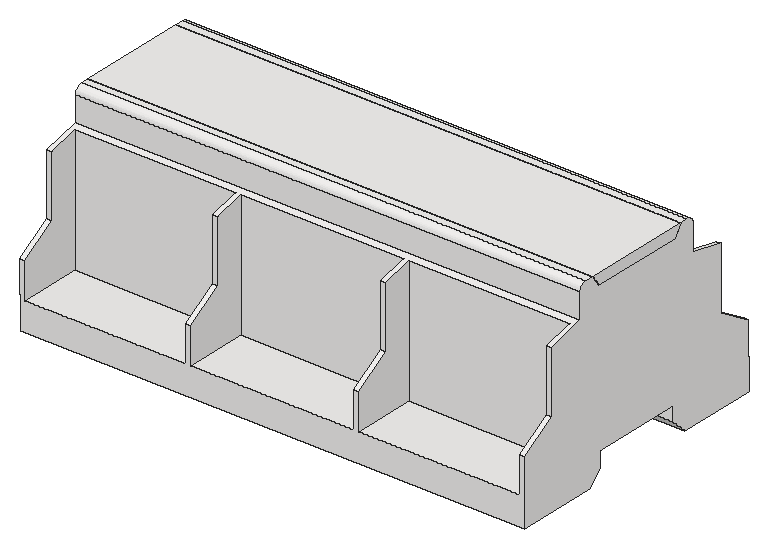
Revit family "Control_Unit-Lutron-Energi_Savr_Node-QSN-4S8-120-D", category Lighting Devices, host Face, Revit 2018
Family settings
  Host = Face
  Maintain Annotation Orientation = Yes
  Round Connector Dimension = Use Radius
  Part Type = Normal
  OmniClass Number = 23.80.30.11.17
  OmniClass Title = Distribution Boards and Control Panels
  Cut with Voids When Loaded = No
  Shared = No
  Room Calculation Point = No
Parameters (values of type "QSN-4S8-120-D")
  Warranty URL = "http://www.lutron.com/en-US/Service-Support/Pages/Service/Warranty/Warranty.aspx"
  Voltage = 120 V
  Video Link = "https://www.youtube.com/user/LutronElectronicsInc"
  Version = "2018 - v1.0a"  # constant formula
  Type Comments = ""
  Support Phone = "(224) 699-9545"  # constant formula
  Support Email = "mailto:support@anguleris.com"
  Product Page URL = "https://www.lutron.com/en-US/products/pages/wholebuildingsystems/athena/overview.aspx"
  Product Name = "Switching Power Module"
  Product Documentation Link = "https://www.lutron.com/TechnicalDocumentLibrary/3691172_ENG.pdf"
  Performance URL = "http://www.lutron.com/en-US/Service-Support/Pages/Technical/PerfomanceSpecs.aspx"
  Operating Voltage = "120 V~ 50/60 Hz | 8 A per output 16 A maximum input current"
  URL = "http://www.lutron.com"
  Series = "Athena"
  Overall Width = 6.37"  # constant formula
  Overall Height = 2.38"  # constant formula
  Overall Depth = 3.53"  # constant formula
  Number of Poles = 1
  Model = "QSN-4S8-120-D"
  Minimum Operating Temperature = 32 °F
  Maximum Operating Temperature = 104 °F
  Material = ""
  Manufacturer Phone Number = "610-282-3800"  # constant formula
  Manufacturer Fax Number = "610-282-1243"  # constant formula
  Manufacturer Email = "mailto:support@lutron.com"
  Manufacturer Address = "7200 Suter Rd, Coopersburg, PA 18036"  # constant formula
  Manufacturer = "Lutron Electronics Co., Inc"  # constant formula
  Label [instance] = "LC"
  Keynote = ""
  Instruction Sheet Link = "http://www.lutron.com/en-US/Service-Support/Pages/Technical/InstallationInstructions/InstallationInstructions.aspx#Power%20Interfaces%20&%20Power%20Panels"
  Frequency = "50|60 Hz"
  Finish = Plastic - Lutron - White - Matte
  Description = "The Energi Savr Node (ESN) family is a group of modular products for the control of lighting loads and motor loads."
  Default Elevation = 48.00"
  Current = 16 A
  Cost Info = "mailto:sales@lutron.com"
  Cost = 0
  Copyright = "© 2021 Lutron Electronics Co., Inc."  # constant formula
  Assembly Code = "D3060"
  Apparent Power [instance] = Voltage * Current  # 1920 VA
  Annotation Symbol Visibility [instance] = yes
Reference planes (in)
  plane 1 "Center (Front/Back)": y = 0
  plane 2: z = 0
  plane 3 "Center (Left/Right)": x = 0
  plane 4: z = 2.38
  plane 5: y = 1.765
  plane 6: y = -1.765
  plane 7: x = -3.185
  plane 8: x = 3.185
  plane 9: x = -1.06167
  plane 10: x = 1.06167
Forms (in)
  Extrusion 1, solid, material "Plastic - Lutron - White - Matte" <- "Finish"
    sketch origin (8.5, 0.00455, 0.02943) x (0, -1, 0) y (0, 0, 1)
      loop
        line (1.76955, -0.02943) -> (1.76955, 0.77871) -> (1.34867, 1.04799) -> (1.34867, 1.83138) -> (0.89356, 1.94111) -> (0.89356, 2.25926)
        arc (0.89356, 2.25926) -> (0.86682, 2.32383) -> (0.80225, 2.35057) r 0.09132
        line (0.80225, 2.35057) -> (0.70059, 2.35057) -> (0.60254, 2.21054) -> (0.00455, 2.21054) -> (-0.59343, 2.21054) -> (-0.69149, 2.35057) -> (-0.79314, 2.35057)
        arc (-0.79314, 2.35057) -> (-0.86123, 2.32011) -> (-0.88388, 2.24903) r 0.09132
        line (-0.88388, 2.24903) -> (-0.88388, 1.93041) -> (-1.3255, 1.83973) -> (-1.3255, 1.05456) -> (-1.76045, 0.77972) -> (-1.76045, -0.02943) -> (-0.75275, -0.02943) -> (-0.57598, 0.14735) -> (-0.57598, 0.33151) -> (0.5916, 0.33151) -> (0.5916, 0.1255) -> (0.74653, -0.02943) -> (1.76955, -0.02943)
    from 5.315 to 11.685
  Extrusion 2, void
    sketch origin (0, -12.51256, 0) x (1, 0, 0) y (0, 1, 0)
      loop
        line (-1.0328, 13.49387) -> (1.0328, 13.49387) -> (1.0328, 14.34918) -> (-1.0328, 14.34918) -> (-1.0328, 13.49387)
      loop
        line (3.12727, 14.34918) -> (1.09053, 14.34918) -> (1.09053, 13.49387) -> (3.12727, 13.49387) -> (3.12727, 14.34918)
      loop
        line (-3.12727, 14.34918) -> (-3.12727, 13.49387) -> (-1.09053, 13.49387) -> (-1.09053, 14.34918) -> (-3.12727, 14.34918)
      loop
        line (-1.0328, 11.53125) -> (-1.0328, 10.67594) -> (1.0328, 10.67594) -> (1.0328, 11.53125) -> (-1.0328, 11.53125)
      loop
        line (3.12727, 10.67594) -> (3.12727, 11.53125) -> (1.09053, 11.53125) -> (1.09053, 10.67594) -> (3.12727, 10.67594)
      loop
        line (-3.12727, 10.67594) -> (-1.09053, 10.67594) -> (-1.09053, 11.53125) -> (-3.12727, 11.53125) -> (-3.12727, 10.67594)
    from 0.36094 to 2.99
  Extrusion 3, solid, material "Plastic - Lutron - White - Matte" <- "Finish"
    sketch origin (0, 0, 0) x (0, 1, 0) y (0, 0, 1)
      loop
        line (-0.69604, 2.38) -> (-0.59799, 2.23997) -> (0.59799, 2.23997) -> (0.69604, 2.38) -> (-0.69604, 2.38)
    from -3.185 to 3.185
Cuts and joins
  Extrusion 2 cuts Extrusion 1
Lines and regions (in)
  Masking region 1
    outline origin (0, 0, 0) x (1, 0, 0) y (0, 0, 1)
      loop
        line (3.185, 0) -> (3.185, 2.38) -> (-3.185, 2.38) -> (-3.185, 0) -> (3.185, 0)
  symbolic lines, detail levels medium+fine
    curve 1: line (3.185, 0, 2.30382) -> (-3.185, 0, 2.30382)
  symbolic lines, detail levels fine
    curve 2: line (3.12727, 0, 1.95983) -> (3.12727, 0, 0.36094)
    curve 3: line (3.12727, 0, 0.36094) -> (1.09053, 0, 0.36094)
    curve 4: line (1.09053, 0, 0.36094) -> (1.09053, 0, 1.94328)
    curve 5: line (1.0328, 0, 1.94328) -> (1.0328, 0, 0.36094)
    curve 6: line (1.0328, 0, 0.36094) -> (-0.02886, 0, 0.36094)
    curve 7: line (-0.02886, 0, 0.36094) -> (-1.0328, 0, 0.36094)
    curve 8: line (-1.0328, 0, 0.36094) -> (-1.0328, 0, 1.94328)
    curve 9: line (-1.09053, 0, 1.94328) -> (-1.09053, 0, 0.36094)
    curve 10: line (-1.09053, 0, 0.36094) -> (-3.12727, 0, 0.36094)
    curve 11: line (-3.12727, 0, 0.36094) -> (-3.12727, 0, 1.95983)
    curve 12: line (3.12727, 0, 1.95983) -> (-3.12727, 0, 1.95983)
    curve 13: line (1.09053, 0, 1.94328) -> (3.12727, 0, 1.94328)
    curve 14: line (-0.02886, 0, 1.94328) -> (1.09053, 0, 1.94328)
    curve 15: line (-1.0328, 0, 1.94328) -> (-0.02886, 0, 1.94328)
    curve 16: line (-1.09053, 0, 1.94328) -> (-3.12727, 0, 1.94328)
Dimensions and locks (in)
  equal spacing: host sketch curve, plane 1 "Center (Front/Back)", host sketch curve
  equal spacing: host sketch curve, plane 3 "Center (Left/Right)", host sketch curve
  "Overall Height": plane 4 to level
  equal spacing: plane 5, plane 1 "Center (Front/Back)", plane 6
  "Overall Depth": plane 5 to plane 6
  equal spacing: plane 7, plane 3 "Center (Left/Right)", plane 8
  "Overall Width": plane 7 to plane 8
  equal spacing: cut or joined group of Extrusion 1, Extrusion 2, plane 9, cut or joined group of Extrusion 1, Extrusion 2  (x2)
  equal spacing: cut or joined group of Extrusion 1, Extrusion 2, plane 10, cut or joined group of Extrusion 1, Extrusion 2  (x2)
  equal spacing: plane 7, plane 9, plane 10, plane 8
  aligned and locked: plane 2 to host face
  aligned and locked: level to host face
  aligned and locked: plane 1 "Center (Front/Back)" to nested 1
  aligned and locked: plane 3 "Center (Left/Right)" to nested 1
  aligned and locked: plane 7 to Extrusion 1
  aligned and locked: plane 8 to cut or joined group of Extrusion 1, Extrusion 2
  aligned and locked: cut or joined group of Extrusion 1, Extrusion 2 to plane 6
  aligned and locked: cut or joined group of Extrusion 1, Extrusion 2 to plane 5
  aligned and locked: plane 4 to cut or joined group of Extrusion 1, Extrusion 2  (x2)
  aligned and locked: plane 4 to Extrusion 3 sketch curve
  aligned and locked: Extrusion 3 sketch curve to cut or joined group of Extrusion 1, Extrusion 2  (x3)
  aligned and locked: Extrusion 3 to cut or joined group of Extrusion 1, Extrusion 2
  aligned and locked: cut or joined group of Extrusion 1, Extrusion 2 to Extrusion 3
Automatic sketch dimensions
  Extrusion 1 sketch curve to level = 0.00"  (x2)
  Extrusion 1 sketch curve to plane 4 = 0.00"  (x2)
  Extrusion 1 sketch curve to plane 1 "Center (Front/Back)" = 0.00"
  level to Extrusion 1 sketch curve = 0.17678"
  Extrusion 1 sketch curve to plane 1 "Center (Front/Back)" = 0.58053"
  Extrusion 1 sketch curve to plane 4 = 0.14003"
  Extrusion 1 sketch curve to plane 1 "Center (Front/Back)" = 0.59799"
  Extrusion 1 sketch curve to Extrusion 1 sketch curve = 0.09805"  (x2)
  Extrusion 1 sketch curve to Extrusion 1 sketch curve = 0.17678"
  Extrusion 1 sketch curve to Extrusion 1 sketch curve = 0.10166"  (x2)
  Extrusion 1 sketch curve to Extrusion 1 sketch curve = 0.09074"
  plane 5 to Extrusion 1 sketch curve = 0.43495"
  Extrusion 1 sketch curve to plane 5 = 0.00"
  plane 1 "Center (Front/Back)" to Extrusion 1 sketch curve = 0.58705"
  Extrusion 1 sketch curve to Extrusion 1 sketch curve = 0.59799"
  Extrusion 1 sketch curve to Extrusion 1 sketch curve = 0.15493"
  Extrusion 1 sketch curve to plane 4 = 0.40946"
  Extrusion 1 sketch curve to Extrusion 1 sketch curve = 0.09132"
  plane 6 to Extrusion 1 sketch curve = 0.42088"
  Extrusion 1 sketch curve to plane 6 = 0.00"
  level to Extrusion 1 sketch curve = 0.15493"
  Extrusion 1 sketch curve to Extrusion 1 sketch curve = 0.20601"
  Extrusion 1 sketch curve to Extrusion 1 sketch curve = 0.80814"
  Extrusion 1 sketch curve to Extrusion 1 sketch curve = 0.80915"
  Extrusion 1 sketch curve to Extrusion 1 sketch curve = 0.26928"
  Extrusion 1 sketch curve to Extrusion 1 sketch curve = 0.27484"
  Extrusion 1 sketch curve to Extrusion 1 sketch curve = 0.10973"
  Extrusion 1 sketch curve to plane 4 = 0.51085"
  Extrusion 1 sketch curve to Extrusion 1 sketch curve = 0.28013"
  Extrusion 1 sketch curve to plane 4 = 0.10154"
  Extrusion 2 sketch curve to plane 7 = 0.05773"  (x2)
  Extrusion 2 sketch curve to plane 6 = 0.07162"  (x2)
  Extrusion 2 sketch curve to plane 3 "Center (Left/Right)" = 1.09053"  (x2)
  Extrusion 2 sketch curve to plane 5 = 0.07162"  (x2)
  Extrusion 2 sketch curve to Extrusion 2 sketch curve = 0.05773"  (x4)
  plane 3 "Center (Left/Right)" to Extrusion 2 sketch curve = 1.0328"  (x2)
  Extrusion 2 sketch curve to plane 8 = 0.05773"  (x2)
  Extrusion 2 sketch curve to Extrusion 2 sketch curve = 0.00"  (x4)
  plane 6 to Extrusion 2 sketch curve = 0.78369"  (x2)
  plane 5 to Extrusion 2 sketch curve = 0.78369"  (x2)
  Masking region 1 sketch curve to level = 0.00"
  plane 7 to Masking region 1 sketch curve = 0.00"
  Masking region 1 sketch curve to plane 8 = 0.00"
  Masking region 1 sketch curve to plane 4 = 0.00"
  plane 7 to curve 1 = 0.00"
  curve 1 to plane 8 = 0.00"
  curve 10 to plane 7 = 0.05773"
  curve 15 to plane 3 "Center (Left/Right)" = 0.02886"
  curve 7 to plane 3 "Center (Left/Right)" = 0.02886"
  curve 2 to plane 8 = 0.05773"
  level to curve 6 = 0.36094"
  level to curve 10 = 0.36094"
  level to curve 2 = 0.36094"
  curve 8 to plane 4 = 0.43672"
  curve 16 to curve 8 = 0.00"
  curve 13 to curve 12 = 0.01655"
  curve 1 to plane 4 = 0.07618"
  curve 16 to curve 14 = 1.06167"
  curve 9 to curve 15 = 0.05773"
  plane 3 "Center (Left/Right)" to curve 5 = 1.0328"
  curve 5 to curve 4 = 0.05773"
Nested families (in)
  nested 1: "Lutron_Lighting_Power_Module_Annotation" at (0, 0, 0), visible <- "Annotation Symbol Visibility", type "QSE-CL-4M-D/LQSE-4M-D", detail levels coarse+medium
Connectors (in)
  electrical at (0, 1.26115, 0)
    settings: on cut or joined group of Extrusion 1, Extrusion 2, index 1, voltage 0 V, apparent load 0 VA, apparent load phase1 0 VA, apparent load phase2 0 VA, apparent load phase3 0 VA, power factor 1, load classification "Other", number of poles 1, system type 13, power factor state 1, is connector primary yes, connector utility no, sub classification motor no, connector description "Controls Connection"
  electrical at (0, -1.25349, 0), driven by "Number of Poles", driven by "Voltage", driven by "Apparent Power"
    settings: on cut or joined group of Extrusion 1, Extrusion 2, index 2, voltage 120 V, apparent load 0 VA, apparent load phase1 1920 VA, apparent load phase2 0 VA, apparent load phase3 0 VA, power factor 1, load classification "Other", number of poles 1, system type 31, power factor state 1, is connector primary no, connector utility no, sub classification motor no, connector description "Power Connection"
Definition of nested family "Lutron_Lighting_Power_Module_Annotation"
  Parameters (values of type "QSWS2")
    Label = "KP"
  Types (9): name | Label
    QSE-IO | "QSE-IO"
    QSE-CL-4M-D/LQSE-4M-D | "4M"
    QSE-CL-DMX | "DMX"
    PHPM-WBX-120-WH | "WBX"
    LQSE-2DAL-D | "2DAL"
    LQSE-4S10-D | "4S10"
    LQSE-4T10-D | "4T10"
    LQSE-4A-D | "4A"
    QSWS2 | "KP"
  Reference planes (in)
    plane 1: y = 0
    plane 2: x = 0
  Lines and regions (in)
    detail lines, not visible
      curve 1: line (0, 0.12891, 0) -> (0, 0, 0)
    reference lines
      curve 2: line (0, 0.0625, 0) -> (-0.11983, 0.0625, 0)
      curve 3: line (0.10095, -0.04722, 0) -> (0.10095, 0.09386, 0)
      curve 4: line (0.10095, -0.04722, 0) -> (0.28349, -0.04722, 0)
      curve 5: line (0.10095, 0.04579, 0) -> (0.31014, 0.04579, 0)
    detail lines
      curve 6: line (-0.15637, 0.42347, 0) -> (0.15896, 0.42347, 0)
      curve 7: line (-0.15637, 0.12891, 0) -> (-0.15637, 0.42347, 0)
      curve 8: line (0.15896, 0.12891, 0) -> (-0.15637, 0.12891, 0)
      curve 9: line (0.15896, 0.42347, 0) -> (0.15896, 0.12891, 0)
      curve 10: line (0, 0.12891, 0) -> (0, 0, 0)
      curve 11: line (-0.08143, 0, 0) -> (0.08143, 0, 0)
  Text (in)
    label "2DAL" at (0.00317, 0.27539, 0), shows "Label"
  Dimensions and locks (in)
    locked: curve 4 to curve 5 at 0.09301
    locked: curve 1 to curve 3 at 0.10095
    curve 1 to curve 1 = 0.12891"
    locked: plane 1 to curve 2 at 0.0625
    equal spacing: curve 11, plane 2, curve 11
    locked: curve 11 to curve 11 at 0.16287
    locked: curve 11 to curve 8 at 0.12891
    aligned and locked: curve 1 to curve 2
    aligned and locked: plane 1 to curve 1
    aligned and locked: curve 1 to plane 2
    aligned and locked: plane 2 to curve 1
    aligned and locked: curve 10 to plane 2
